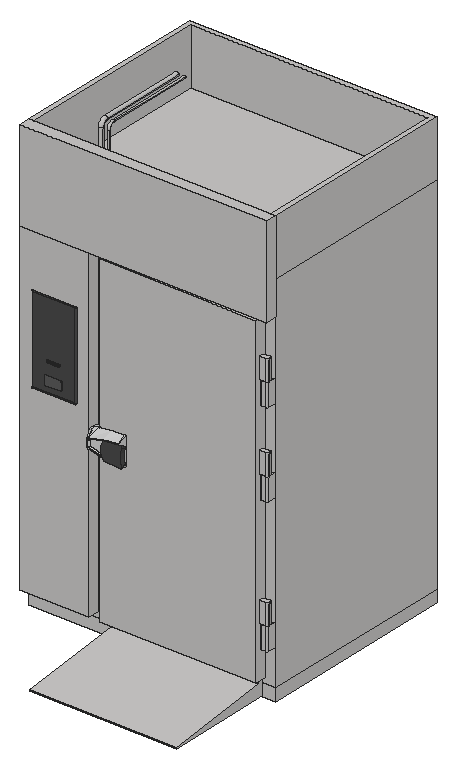
Revit family "QF_ALPENINOX_729268_ABFA22RFE", category Specialty Equipment, Revit 2018 (continued)
Definition of nested family "ALP_Logo_XS"
  Forms (mm)
    Extrusion 2, solid
      sketch origin (17.793, -46.218, 0) x (-1, 0, 0) y (0, -1, 0)
        loop
          spline (-1.199, -50.23) -> (-1.189, -50.4) -> (-1.162, -50.557) -> (-1.117, -50.701) -> (-1.057, -50.83) -> (-0.982, -50.946) -> (-0.893, -51.047) -> (-0.791, -51.133) -> (-0.678, -51.204) -> (-0.554, -51.26) -> (-0.42, -51.301) -> (-0.278, -51.325) -> (-0.128, -51.333)
          spline (-0.128, -51.333) -> (0.022, -51.325) -> (0.164, -51.301) -> (0.298, -51.26) -> (0.422, -51.204) -> (0.536, -51.133) -> (0.637, -51.047) -> (0.726, -50.946) -> (0.801, -50.83) -> (0.861, -50.701) -> (0.905, -50.557) -> (0.932, -50.4) -> (0.942, -50.23)
          line (0.942, -50.23) -> (0.942, -44.847) -> (5.493, -50.865) -> (6.393, -51.333)
          spline (6.393, -51.333) -> (6.542, -51.325) -> (6.685, -51.301) -> (6.818, -51.26) -> (6.942, -51.204) -> (7.055, -51.133) -> (7.157, -51.047) -> (7.246, -50.946) -> (7.321, -50.83) -> (7.381, -50.701) -> (7.425, -50.557) -> (7.452, -50.4) -> (7.462, -50.23)
          line (7.462, -50.23) -> (7.462, -42.198)
        loop
          spline (-7.232, -41.01) -> (-7.943, -41.056) -> (-8.611, -41.192) -> (-9.232, -41.411) -> (-9.803, -41.709) -> (-10.321, -42.078) -> (-10.782, -42.514) -> (-11.181, -43.011) -> (-11.516, -43.564) -> (-11.783, -44.166) -> (-11.978, -44.812) -> (-12.097, -45.497) -> (-12.138, -46.214)
          spline (-12.138, -46.214) -> (-12.096, -46.919) -> (-11.974, -47.596) -> (-11.774, -48.238) -> (-11.503, -48.839) -> (-11.163, -49.393) -> (-10.76, -49.893) -> (-10.297, -50.333) -> (-9.778, -50.707) -> (-9.208, -51.008) -> (-8.591, -51.231) -> (-7.931, -51.37) -> (-7.232, -51.417)
          spline (-7.232, -51.417) -> (-6.524, -51.371) -> (-5.858, -51.236) -> (-5.238, -51.018) -> (-4.666, -50.722) -> (-4.148, -50.353) -> (-3.687, -49.918) -> (-3.286, -49.422) -> (-2.95, -48.87) -> (-2.682, -48.267) -> (-2.486, -47.62) -> (-2.366, -46.934) -> (-2.325, -46.214)
          spline (-2.325, -46.214) -> (-2.366, -45.497) -> (-2.487, -44.812) -> (-2.684, -44.166) -> (-2.953, -43.564) -> (-3.29, -43.011) -> (-3.692, -42.514) -> (-4.154, -42.078) -> (-4.672, -41.709) -> (-5.243, -41.411) -> (-5.862, -41.192) -> (-6.527, -41.056) -> (-7.232, -41.01)
        loop
          spline (-7.232, -42.962) -> (-7.665, -42.993) -> (-8.059, -43.083) -> (-8.414, -43.227) -> (-8.731, -43.422) -> (-9.01, -43.661) -> (-9.251, -43.941) -> (-9.454, -44.257) -> (-9.62, -44.605) -> (-9.748, -44.979) -> (-9.839, -45.374) -> (-9.894, -45.788) -> (-9.912, -46.214)
          spline (-9.912, -46.214) -> (-9.894, -46.637) -> (-9.837, -47.049) -> (-9.744, -47.444) -> (-9.614, -47.818) -> (-9.446, -48.165) -> (-9.241, -48.482) -> (-8.998, -48.763) -> (-8.719, -49.003) -> (-8.403, -49.198) -> (-8.049, -49.344) -> (-7.659, -49.434) -> (-7.232, -49.466)
          spline (-7.232, -49.466) -> (-6.804, -49.434) -> (-6.414, -49.344) -> (-6.06, -49.198) -> (-5.743, -49.003) -> (-5.464, -48.763) -> (-5.222, -48.482) -> (-5.017, -48.165) -> (-4.849, -47.818) -> (-4.718, -47.444) -> (-4.625, -47.049) -> (-4.568, -46.637) -> (-4.55, -46.214)
          spline (-4.55, -46.214) -> (-4.568, -45.788) -> (-4.623, -45.374) -> (-4.714, -44.979) -> (-4.842, -44.605) -> (-5.008, -44.257) -> (-5.211, -43.941) -> (-5.452, -43.661) -> (-5.731, -43.422) -> (-6.048, -43.227) -> (-6.404, -43.083) -> (-6.798, -42.993) -> (-7.232, -42.962)
        loop
          arc (-12.168, -42.806) -> (-12.411, -41.323) -> (-13.895, -41.561) r 1.064
          line (-13.895, -41.561) -> (-16.234, -44.786) -> (-18.574, -41.561)
          arc (-18.574, -41.561) -> (-20.072, -41.304) -> (-20.3, -42.806) r 1.064
          line (-20.3, -42.806) -> (-17.477, -46.566) -> (-19.787, -49.678)
          arc (-19.787, -49.678) -> (-19.432, -51.089) -> (-18.004, -50.81) r 1.057
          line (-18.004, -50.81) -> (-16.234, -48.321) -> (-14.389, -50.918)
          arc (-14.389, -50.918) -> (-12.91, -51.16) -> (-12.683, -49.678) r 1.055
          line (-12.683, -49.678) -> (-14.994, -46.566) -> (-12.168, -42.806)
      from 0 to 1.644
  Dimensions and locks
    aligned and locked: plane 2 to Extrusion 1
    aligned and locked: level to Extrusion 1
Types (2, lengths in mm): name | URL | Phase | Model | Manufacturer | Description
  (no name) | 0 | 0 | 0 | 0 | 0
  QF_ALPENINOX_729268_ABFA22RFE.rfa | "http://www.alpeninox.com" | 3 | "ABFA22RFE" | "Alpeninox" | "CRIO CHILL BLAST CHILLER FREEZER 200/170KG 20 GN 2/1 - INSULATED FLOOR - RAMP - REMOTE REFIGERATING UNIT"
